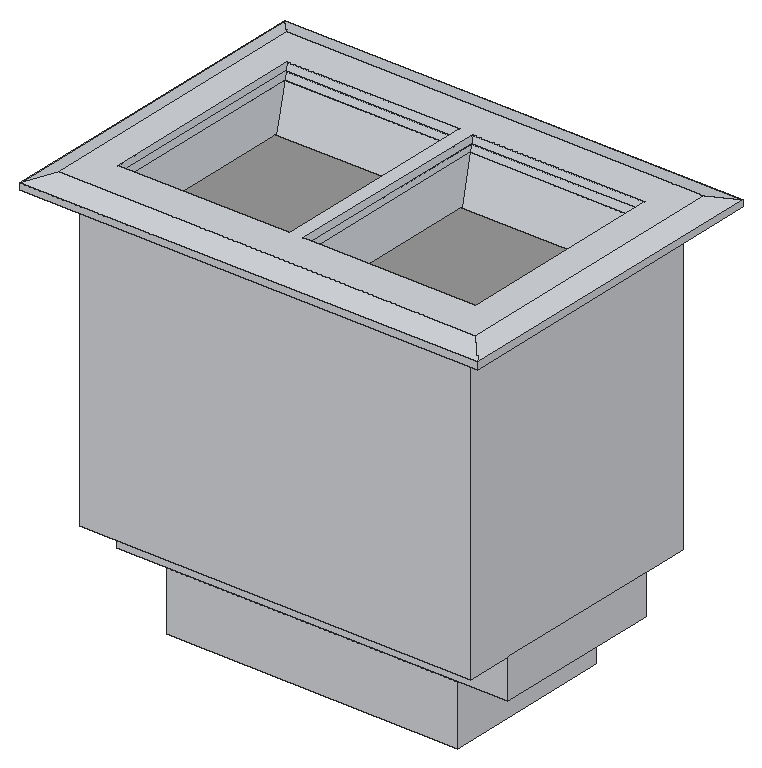
Revit family "2061353 Sylvania Lighting Fixture DOMINO 2xLED 940 BLACK NB TRIM WHITE DALI", category Lighting Fixtures, host Face, Revit 2018
Family settings
  Host = Face
  Round Connector Dimension = Use Diameter
  Part Type = Normal
  OmniClass Number = 23.80.70.00
  OmniClass Title = Lighting
  Cut with Voids When Loaded = No
  Light Source = Yes
  Shared = No
  Room Calculation Point = No
Parameters (values of type "2061353 DOMINO 2XLED 940 BLACK NB TR WHT DALI")
  top top length = 44 mm
  Width = 50 mm
  Weight = "n/a"
  Wattage Comments = ""
  Wattage = 9.2903 W
  WarrantyStartDate [instance] = "n/a"
  WarrantyGuarantorParts = "n/a"
  WarrantyDurationUnit = "n/a"
  WarrantyDurationParts = ""
  WarrantyDescription = "http://www.sylvania-lighting.com"
  built-in parameter 1150110 = 1 (stored number, unit not read)
  Voltage = 0 V
  URL = "0.96"
  TypeName = "DOMINO 2xLED 940 BLACK NB TRIM WHITE DALI"
  Type Image = <None>
  Type Comments = "n/a"
  built-in parameter 1114217 = 1 (stored number, unit not read)
  Top Width = 26 mm
  Tilt Angle = 90.00°
  built-in parameter 1150109 = 1 (stored number, unit not read)
  built-in parameter 1150134 = 3
  built-in parameter 1150113 = 1 (stored number, unit not read)
  SerialNumber [instance] = "n/a"
  Recessed Width = 43 mm
  Recessed Length = 63 mm
  Photometric Web File = "2061353.ies"
  Material_3_FEILO = none
  PowerFactor = 0
  PowerConsumption = "Lighting"
  NominalLength = 50 mm
  NominalHeight = 0 mm
  NominalDepth = 0 mm
  Name = "DOMINO 2xLED 940 BLACK NB TRIM WHITE DALI"
  ModelReference = Name  # "DOMINO 2xLED 940 BLACK NB TRIM WHITE DALI"
  ModelNumber = "2061353"
  Model = Name  # "DOMINO 2xLED 940 BLACK NB TRIM WHITE DALI"
  Material = "Feilo Sylvania"
  ManufacturerName = "59 lm/W"
  Manufacturer = ""
  LuminousEfficacy = ""
  built-in parameter 1150105 = 109.82 (stored number, unit not read)
  Lumens = 1380 lm
  LuminaireType = "0"
  built-in parameter 1150115 = 1 (stored number, unit not read)
  LightOutputRatio = "LED"
  built-in parameter 1150137 = (empty or 0)
  built-in parameter 1150139 = (empty or 0)
  Lens Width = 32 mm
  Lens = Glass, White, High Luminance
  Length = 69 mm
  LampsType = Lamp  # "n/a"
  LampNominalLuminous = "4000 K"
  LampMacAdamStep = "90"
  LampColourTemperature = "LED"
  LampColourRenderingIndex = "16500"
  built-in parameter 1150112 = 1 (stored number, unit not read)
  built-in parameter 1150114 = 1 (stored number, unit not read)
  Lamp = "n/a"
  Keynote = "n/a"
  InstallationDate [instance] = "n/a"
  InputVoltage = "0"
  InputNominalFrequency = "4000"
  built-in parameter 1150132 = (empty or 0)
  built-in parameter 1150102 = (empty or 0)
  built-in parameter 1150107 = 3200 (stored number, unit not read)
  built-in parameter 1150138 = (empty or 0)
  IngressProtection = "IfcLightFixtureType"
  ImpactProtectionIndex = "IfcLightFixtureType"
  built-in parameter 1150106 = 1.0982 (stored number, unit not read)
  IfcExportType = "IfcLightFixtureType"
  IfcExportAs = "Class II"
  Facia internal width = 37 mm
  Facia internal length = 56 mm
  Facia Height = 2 mm
  ExpectedLife = 50000
  Emit from Circle Diameter = 609.6 mm
  Emit Shape Visible in Rendering = no
  ElectricShockClassification = "59"
  built-in parameter 1150104 = 13.8 (stored number, unit not read)
  DurationUnit = "hours"
  DocumentationLiterature = "http://www.sylvania-lighting.com/product/en-int/products/2061353"
  DimmingControlOptions = "n/a"
  Material_2_FEILO = none
  Dimming Lamp Color Temperature Shift = <None>
  Description = "Modular LED recessed linear spotlight, ideal for retail and hospitality applications. Die-cast aluminium body, passive cooling. Two levels of reflector installation, low glaring UGR<16. 2x LED source, 15° beam angle , optics: PMMA lens and polycarbonate reflector combination, Black matt reflector finish. Light color temperature: 4000K neutral white, total system power: 6W , total fixture lumen output: 350lm, efficacy: 59 lm/W, Ra90 typical, LED chromacity: 3 step MacAdam ellipse (SDCM3), lifespan: 96,000 hours at 90% of the original output (L90B10), IR/UV free light source without heat radiation, operating voltage: 220-240V / 50-60Hz, electronic driver, ultra low flicker, DALI , electrical protection: Class II. Degree of Protection: IP40/IP20, suitable for indoor environment only. Ceiling cut-out: 43x43mm, outer dimensions:  70x50mm trim frame RAL 9016 - Traffic white / Bezel color.5 years Warranty."
  Default Elevation = 1219.2 mm
  CreatedOn = "10/02/2021"
  CreatedBy = "harvey.smart@sylvania-lighting.com"
  Cost = 0
  Color Filter = 16777215
  built-in parameter 1114216 [instance] = (empty or 0)
  ClassificationValue = "EF_70_80"
  ClassificationName = "Uniclass2015"
  Material_1_FEILO = none
  Body Width = 40 mm
  Body Length = 59 mm
  BarCode [instance] = "n/a"
  built-in parameter 1114218 = 1 (stored number, unit not read)
  built-in parameter 1150133 = 10 (stored number, unit not read)
  AssetType = "Fixed"
  AssetIdentifier [instance] = "n/a"
  Assembly Code = "D5020200"
  Apparent Load = 6 VA
  Material_4_FEILO = none
Reference planes
  plane 1 "Center (Front/Back)": y = 0
  plane 2: z = 0
  plane 3 "Center (Left/Right)": x = 0
  plane 4: z = 0
  plane 5: z = -7
  plane 6: z = -45.895
  plane 7: z = -51.895
  plane 8: z = -60.895
  plane 9: x = -31.5
  plane 10: x = 31.5
  plane 11: y = 21.5
  plane 12: y = -21.5
  plane 13: x = -34.5
  plane 14: x = 34.5
  plane 15: y = 25
  plane 16: y = -25
  plane 17: x = 28
  plane 18: x = -28
  plane 19: y = 18.5
  plane 20: y = -18.5
  plane 21: z = 2
  plane 22: x = -29.5
  plane 23: x = 29.5
  plane 24: y = 20
  plane 25: y = -20
  plane 26: y = 13
  plane 27: y = -13
  plane 28: x = 22
  plane 29: y = 16
  plane 30: y = -16
  plane 31: x = -27
  plane 32: x = -1
  plane 33: x = -26
  plane 34: x = -2
  plane 35: y = 12.5
  plane 36: y = -12.5
  plane 37: x = 27
  plane 38: x = 1
  plane 39: x = 2
  plane 40: x = 26.026
Forms (mm)
  Extrusion 1, solid, not visible, detail levels medium+fine
    sketch origin (4.2, 0, 0) x (1, 0, 0) y (0, 1, 0)
      loop
        line (-29.2, 34.5) -> (-29.2, -34.5) -> (20.8, -34.5) -> (20.8, 34.5) -> (-29.2, 34.5)
    from 0 to 1
  Extrusion 2, solid, not visible, detail levels medium+fine
    sketch origin (4.044, 0, 0) x (1, 0, 0) y (0, 1, 0)
      loop
        line (-29.2, 34.5) -> (-29.2, -34.5) -> (20.8, -34.5) -> (20.8, 34.5) -> (-29.2, 34.5)
    from 0 to 1
  Blend 3, solid, not visible, detail levels medium+fine
    base sketch origin (4.2, 0, 0) x (1, 0, 0) y (0, 1, 0)
      loop
        line (-29.2, 34.5) -> (-29.2, -34.5) -> (20.8, -34.5) -> (20.8, 34.5) -> (-29.2, 34.5)
    top sketch origin (4.2, 0, 0) x (1, 0, 0) y (0, 1, 0)
      loop
        line (-21.7, 28) -> (-21.7, -28) -> (13.3, -28) -> (13.3, 28) -> (-21.7, 28)
    from 1 to 3
  Extrusion 4, solid, not visible, detail levels medium+fine
    sketch origin (3.419, 0, 0) x (1, 0, 0) y (0, 1, 0)
      loop
        line (-29.2, 34.5) -> (-29.2, -34.5) -> (20.8, -34.5) -> (20.8, 34.5) -> (-29.2, 34.5)
    from 0 to 1
  Blend 5, solid, not visible, detail levels medium+fine
    base sketch origin (3.575, 0, 0) x (1, 0, 0) y (0, 1, 0)
      loop
        line (-29.2, 34.5) -> (-29.2, -34.5) -> (20.8, -34.5) -> (20.8, 34.5) -> (-29.2, 34.5)
    top sketch origin (3.575, 0, 0) x (1, 0, 0) y (0, 1, 0)
      loop
        line (-21.7, 28) -> (-21.7, -28) -> (13.3, -28) -> (13.3, 28) -> (-21.7, 28)
    from 1 to 3
  Extrusion 6, solid, not visible, detail levels medium+fine
    sketch origin (4.247, 0, 0) x (1, 0, 0) y (0, 1, 0)
      loop
        line (-29.2, 34.5) -> (-29.2, -34.5) -> (20.8, -34.5) -> (20.8, 34.5) -> (-29.2, 34.5)
    from 0 to 1
  Blend 7, solid, not visible, detail levels medium+fine
    base sketch origin (4.403, 0, 0) x (1, 0, 0) y (0, 1, 0)
      loop
        line (-29.2, 34.5) -> (-29.2, -34.5) -> (20.8, -34.5) -> (20.8, 34.5) -> (-29.2, 34.5)
    top sketch origin (4.403, 0, 0) x (1, 0, 0) y (0, 1, 0)
      loop
        line (-21.7, 28) -> (-21.7, -28) -> (13.3, -28) -> (13.3, 28) -> (-21.7, 28)
    from 1 to 3
  Extrusion 8, void, detail levels medium+fine
    sketch origin (4.2, 0, 0) x (0, 1, 0) y (1, 0, 0)
      loop
        line (21.5, -35.7) -> (21.5, 27.3) -> (-21.5, 27.3) -> (-21.5, -35.7) -> (21.5, -35.7)
    from -9.934 to 83.097
  Extrusion 9, solid, detail levels medium+fine
    sketch origin (4.2, 0, 0) x (1, 0, 0) y (0, 1, 0)
      loop
        line (-38.7, 25) -> (-38.7, -25) -> (30.3, -25) -> (30.3, 25) -> (-38.7, 25)
    from 0 to 1
  Blend 10, solid, detail levels medium+fine
    base sketch origin (4.2, 0, 0) x (1, 0, 0) y (0, 1, 0)
      loop
        line (-38.7, 25) -> (-38.7, -25) -> (30.3, -25) -> (30.3, 25) -> (-38.7, 25)
    top sketch origin (4.2, 0, 0) x (1, 0, 0) y (0, 1, 0)
      loop
        line (-35.7, 21.5) -> (-35.7, -21.5) -> (27.3, -21.5) -> (27.3, 21.5) -> (-35.7, 21.5)
    from 1 to 2
  Extrusion 11, solid, detail levels medium+fine
    sketch origin (4.2, 0, 0) x (1, 0, 0) y (0, 1, 0)
      loop
        line (-33.7, 20) -> (-33.7, -20) -> (25.3, -20) -> (25.3, 20) -> (-33.7, 20)
    from 0 to -45.895
  Extrusion 12, solid, detail levels medium+fine
    sketch origin (4.2, 0, 0) x (1, 0, 0) y (0, 1, 0)
      loop
        line (-33.7, 13) -> (-33.7, -13) -> (25.3, -13) -> (25.3, 13) -> (-33.7, 13)
    from -51.895 to -45.895
  Extrusion 13, solid, detail levels fine
    sketch origin (4.2, 0, 0) x (1, 0, 0) y (0, 1, 0)
      loop
        line (-26.2, 13) -> (-26.2, -13) -> (17.8, -13) -> (17.8, 13) -> (-26.2, 13)
    from -60.895 to -51.895
  Blend 14, void, detail levels medium+fine
    base sketch origin (4.2, 0, 0) x (0, 1, 0) y (-1, 0, 0)
      loop
        line (16, 31.2) -> (-16, 31.2) -> (-16, 5.2) -> (16, 5.2) -> (16, 31.2)
    top sketch origin (4.2, 0, 0) x (0, 1, 0) y (-1, 0, 0)
      loop
        line (12.5, 30.2) -> (-12.5, 30.2) -> (-12.5, 6.2) -> (12.5, 6.2) -> (12.5, 30.2)
    from 2 to -7
  Blend 15, void, detail levels medium+fine
    base sketch origin (4.2, 0, 0) x (0, 1, 0) y (-1, 0, 0)
      loop
        line (16, 3.2) -> (-16, 3.2) -> (-16, -22.8) -> (16, -22.8) -> (16, 3.2)
    top sketch origin (4.2, 0, 0) x (0, 1, 0) y (-1, 0, 0)
      loop
        line (12.5, 2.2) -> (-12.5, 2.2) -> (-12.5, -21.826) -> (12.5, -21.826) -> (12.5, 2.2)
    from 2 to -7
  Extrusion 16, solid, material "Glass, White, High Luminance" <- "Lens", detail levels fine
    sketch origin (0, 1219.2, 38) x (1, 0, 0) y (0, 1, 0)
      loop
        line (-26, -1206.7) -> (-26, -1231.7) -> (-2, -1231.7) -> (-2, -1206.7) -> (-26, -1206.7)
    from -45 to -44
  Extrusion 17, solid, material "Glass, White, High Luminance" <- "Lens", detail levels fine
    sketch origin (4.2, 0, 0) x (1, 0, 0) y (0, 1, 0)
      loop
        line (-2.2, 12.5) -> (-2.2, -12.5) -> (21.826, -12.5) -> (21.826, 12.5) -> (-2.2, 12.5)
    from -7 to -6
  Extrusion 18, solid, detail levels coarse
    sketch origin (0, 1219.2, 38) x (1, 0, 0) y (0, 1, 0)
      loop
        line (34.5, -1194.2) -> (-34.5, -1194.2) -> (-34.5, -1244.2) -> (34.5, -1244.2) -> (34.5, -1194.2)
    from -36 to -98.895
Cuts and joins
  Blend 14, Blend 15 cuts Extrusion 9
  Blend 14, Blend 15 cuts Blend 10
  Blend 14, Blend 15 cuts Extrusion 11
Dimensions and locks
  "Recessed Length": plane 9 to plane 10
  equal spacing: plane 9, plane 3 "Center (Left/Right)", plane 10
  "Length": plane 13 to plane 14
  equal spacing: plane 13, plane 3 "Center (Left/Right)", plane 14
  "Recessed Width": plane 11 to plane 12
  equal spacing: plane 11, plane 1 "Center (Front/Back)", plane 12
  "Width": plane 15 to plane 16
  equal spacing: plane 15, plane 1 "Center (Front/Back)", plane 16
  "Facia internal length": plane 18 to plane 17
  equal spacing: plane 18, plane 3 "Center (Left/Right)", plane 17
  "Facia internal width": plane 19 to plane 20
  equal spacing: plane 19, plane 1 "Center (Front/Back)", plane 20
  "Facia Height": plane 21 to host face
  "Body Length": plane 22 to plane 23
  equal spacing: plane 22, plane 3 "Center (Left/Right)", plane 23
  "Body Width": plane 24 to plane 25
  equal spacing: plane 24, plane 1 "Center (Front/Back)", plane 25
  "Top Width": plane 26 to plane 27
  equal spacing: plane 26, plane 1 "Center (Front/Back)", plane 27
  plane 3 "Center (Left/Right)" to plane 28 = 22 mm
  "Lens Width": plane 29 to plane 30
  equal spacing: plane 29, plane 1 "Center (Front/Back)", plane 30
  aligned and locked: plane 2 to host face
  aligned and locked: level to host face
  aligned and locked: plane 21 to Blend 10
  aligned and locked: Extrusion 9 to Blend 10
  aligned and locked: plane 7 to Extrusion 13
  aligned and locked: Extrusion 12 to plane 7
  aligned and locked: Extrusion 11 to plane 6
  aligned and locked: Blend 14 to plane 5
  aligned and locked: plane 21 to Blend 14
  aligned and locked: Blend 15 to plane 5
  aligned and locked: plane 21 to Blend 15
Automatic sketch dimensions
  host sketch curve to host sketch curve = 2438.4 mm  (x2)
  Extrusion 1 sketch curve to Extrusion 1 sketch curve = 50 mm
  Extrusion 1 sketch curve to Extrusion 1 sketch curve = 69 mm
  Extrusion 2 sketch curve to Extrusion 2 sketch curve = 50 mm
  Extrusion 2 sketch curve to Extrusion 2 sketch curve = 69 mm
  Blend 3 sketch curve to Blend 3 sketch curve = 50 mm
  Blend 3 sketch curve to Blend 3 sketch curve = 69 mm
  Blend 3 sketch curve to Blend 3 sketch curve = 35 mm
  Blend 3 sketch curve to Blend 3 sketch curve = 56 mm
  Extrusion 4 sketch curve to Extrusion 4 sketch curve = 50 mm
  Extrusion 4 sketch curve to Extrusion 4 sketch curve = 69 mm
  Blend 5 sketch curve to Blend 5 sketch curve = 50 mm
  Blend 5 sketch curve to Blend 5 sketch curve = 69 mm
  Blend 5 sketch curve to Blend 5 sketch curve = 35 mm
  Blend 5 sketch curve to Blend 5 sketch curve = 56 mm
  Extrusion 6 sketch curve to Extrusion 6 sketch curve = 50 mm
  Extrusion 6 sketch curve to Extrusion 6 sketch curve = 69 mm
  Blend 7 sketch curve to Blend 7 sketch curve = 50 mm
  Blend 7 sketch curve to Blend 7 sketch curve = 69 mm
  Blend 7 sketch curve to Blend 7 sketch curve = 35 mm
  Blend 7 sketch curve to Blend 7 sketch curve = 56 mm
  Extrusion 8 sketch curve to plane 9 = 0 mm
  Extrusion 8 sketch curve to plane 12 = 0 mm
  Extrusion 8 sketch curve to plane 11 = 0 mm
  Extrusion 8 sketch curve to plane 10 = 0 mm
  Extrusion 9 sketch curve to plane 13 = 0 mm
  Extrusion 9 sketch curve to plane 14 = 0 mm
  Extrusion 9 sketch curve to plane 16 = 0 mm
  Extrusion 9 sketch curve to plane 15 = 0 mm
  Blend 10 sketch curve to plane 13 = 0 mm
  Blend 10 sketch curve to plane 14 = 0 mm
  Blend 10 sketch curve to plane 16 = 0 mm
  Blend 10 sketch curve to plane 15 = 0 mm
  Blend 10 sketch curve to plane 9 = 0 mm
  Blend 10 sketch curve to plane 10 = 0 mm
  Blend 10 sketch curve to plane 12 = 0 mm
  Blend 10 sketch curve to plane 11 = 0 mm
  Extrusion 11 sketch curve to plane 22 = 0 mm
  Extrusion 11 sketch curve to plane 23 = 0 mm
  Extrusion 11 sketch curve to plane 25 = 0 mm
  Extrusion 11 sketch curve to plane 24 = 0 mm
  Extrusion 12 sketch curve to plane 22 = 0 mm
  Extrusion 12 sketch curve to plane 23 = 0 mm
  Extrusion 12 sketch curve to plane 27 = 0 mm
  Extrusion 12 sketch curve to plane 26 = 0 mm
  Extrusion 13 sketch curve to plane 27 = 0 mm
  Extrusion 13 sketch curve to plane 28 = 0 mm
  Extrusion 13 sketch curve to plane 26 = 0 mm
  plane 18 to Extrusion 13 sketch curve = 6 mm
  Blend 14 sketch curve to plane 30 = 0 mm
  Blend 14 sketch curve to plane 29 = 0 mm
  Blend 14 sketch curve to plane 32 = 0 mm
  Blend 14 sketch curve to plane 31 = 0 mm
  Blend 14 sketch curve to plane 33 = 0 mm
  Blend 14 sketch curve to plane 36 = 0 mm
  Blend 14 sketch curve to plane 35 = 0 mm
  Blend 14 sketch curve to plane 34 = 0 mm
  Blend 15 sketch curve to plane 30 = 0 mm
  Blend 15 sketch curve to plane 29 = 0 mm
  Blend 15 sketch curve to plane 37 = 0 mm
  Blend 15 sketch curve to plane 38 = 0 mm
  Blend 15 sketch curve to plane 36 = 0 mm
  Blend 15 sketch curve to plane 35 = 0 mm
  Blend 15 sketch curve to plane 40 = 0 mm
  Blend 15 sketch curve to plane 39 = 0 mm
  plane 31 to Extrusion 16 sketch curve = 1 mm
  Extrusion 16 sketch curve to plane 11 = 9 mm
  Extrusion 16 sketch curve to plane 34 = 0 mm
  plane 1 "Center (Front/Back)" to Extrusion 16 sketch curve = 12.5 mm
  Extrusion 17 sketch curve to plane 36 = 0 mm
  Extrusion 17 sketch curve to plane 39 = 0 mm
  Extrusion 17 sketch curve to plane 40 = 0 mm
  Extrusion 17 sketch curve to plane 35 = 0 mm
  Extrusion 18 sketch curve to plane 33 = 8.5 mm
  plane 14 to Extrusion 18 sketch curve = 0 mm
  plane 16 to Extrusion 18 sketch curve = 50 mm
  Extrusion 18 sketch curve to plane 36 = 12.5 mm
